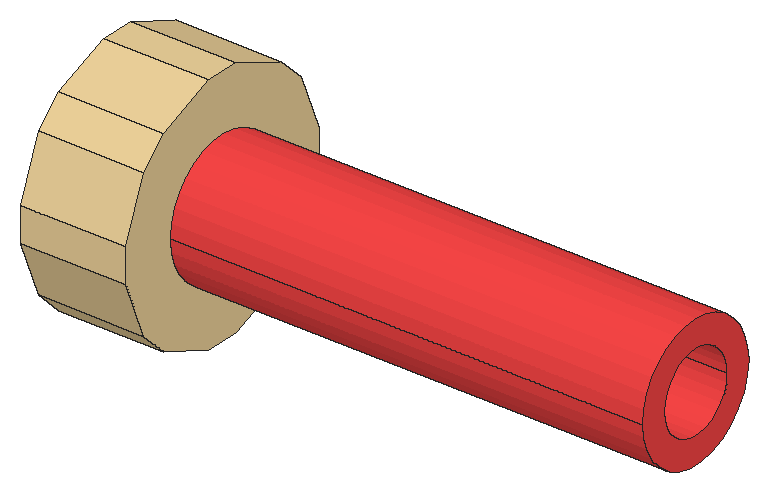
Revit family "Aquatherm_Резьбовое соединение B1", category Соединительные детали трубопроводов, Revit 2019
Family settings
  Размер круглого соединителя = Использовать диаметр
  Тип детали = Переход
  На основе рабочей плоскости = Нет
  Всегда вертикально = Да
  При загрузке вырезать с полостями = Нет
  Общий = Нет
Parameters
  Материал_Корпус_2 = AquaTherm латунь pipe
  Материал_Корпус = AquaTherm red pipe
  K Coefficient = 0
  n1 [instance] = l + l1 + 30 mm  # 133 mm
  n [instance] = k + 30 mm  # 92 mm
  m [instance] = 20 mm  # constant formula
  k [instance] = size_lookup("Резьбовое соединение", "k", 18 mm, d, R)  # 62 mm
  l1 [instance] = size_lookup("Резьбовое соединение", "l1", 18 mm, d, R)  # 3 mm
  r [instance] = R + 3 mm  # 35 mm
  d2 [instance] = d1 + 6 mm  # 21 mm
  d1 [instance] = d - 10 mm  # 15 mm
  URL = "www.agpipe.ru"
  d [instance] = 25 mm
  SW' [instance] = SW - 1 mm  # 45 mm
  SW [instance] = size_lookup("Резьбовое соединение", "SW", 18 mm, d, R)  # 46 mm
  R [instance] = 32 mm
  l [instance] = size_lookup("Резьбовое соединение", "l", 18 mm, d, R)  # 100 mm
  D1 [instance] = d + 6 mm  # 31 mm
  D [instance] = size_lookup("Резьбовое соединение", "D", 18 mm, d, R)  # 34 mm
  ADSK_Примечание = ""
  ADSK_Позиция [instance] = ""
  ADSK_Обозначение = ""
  ADSK_Наименование [instance] = size_lookup("Резьбовое соединение", "ADSK_Наименование", "Нет в каталоге", d, R)  # "Резьбовое соединение/B1 DN25x1 1/4''"
  ADSK_Масса_Текст [instance] = size_lookup("Резьбовое соединение", "ADSK_Масса_Текст", "Нет в каталоге", d, R)  # "0.117"
  ADSK_Код изделия [instance] = size_lookup("Резьбовое соединение", "ADSK_Код изделия", "Нет в каталоге", d, R)  # "4126710"
  ADSK_Завод-изготовитель = "Aquatherm"  # constant formula
  ADSK_Единица измерения = "шт."  # constant formula
  1 [instance] = 1 = 1  # yes
Reference planes
  plane 1 "По центру (Вперед/Назад)": y = 0
  plane 2: z = 0
  plane 3 "По центру (Влево/Вправо)": x = 0
  plane 4: x = -50
  plane 5: x = 50
  plane 6: x = -53
  plane 7: x = -60
  plane 8: x = -40
  plane 9: x = -44
  plane 10: x = -53
  plane 11: x = 80
  plane 12: x = -12
Forms (mm)
  Extrusion 1, solid, material "AquaTherm red pipe" <- "Материал_Корпус", visible <- "1"
    sketch origin (0, 0, 0) x (0, 1, 0) y (0, 0, 1)
      loop
        circle (0, 0) r 12.5
    from -40 to 50
  Extrusion 2, solid, material "AquaTherm red pipe" <- "Материал_Корпус", visible <- "1"
    sketch origin (0, 0, 0) x (0, 1, 0) y (0, 0, 1)
      loop
        circle (0, 0) r 16
    from -50 to -44
  Extrusion 3, solid, material "AquaTherm латунь pipe" <- "Материал_Корпус_2", visible <- "1"
    sketch origin (0, 0, 0) x (0, 1, 0) y (0, 0, 1)
      loop
        line (-9.527, 23) -> (-23, 9.527) -> (-23, -9.527) -> (-9.527, -23) -> (9.527, -23) -> (23, -9.527) -> (23, 9.527) -> (9.527, 23) -> (-9.527, 23)
    from -60 to -40
  Extrusion 4, void
    sketch origin (0, 0, 0) x (0, 1, 0) y (0, 0, 1)
      loop
        line (0, 24.354) -> (-17.221, 17.221) -> (-24.354, 0) -> (-17.221, -17.221) -> (0, -24.354) -> (17.221, -17.221) -> (24.354, 0) -> (17.221, 17.221) -> (0, 24.354)
      loop
        circle (0, 0) r 100
    from -60 to -40
  Extrusion 5, void
    sketch origin (0, 0, 0) x (0, 1, 0) y (0, 0, 1)
      loop
        circle (0, 0) r 16
    from -60 to -50
  Extrusion 6, void
    sketch origin (0, 0, 0) x (0, 1, 0) y (0, 0, 1)
      loop
        circle (0, 0) r 7.5
    from -50 to 50
  Extrusion 7, solid, material "AquaTherm red pipe" <- "Материал_Корпус", visible <- "1"
    sketch origin (0, 0, 0) x (0, 1, 0) y (0, 0, 1)
      loop
        circle (0, 0) r 16
      loop
        circle (0, 0) r 10.5
    from -50 to -53
Cuts and joins
  Extrusion 4, Extrusion 5, Extrusion 6 cuts Extrusion 3
  Extrusion 5, Extrusion 6 cuts Extrusion 1
Lines and regions (mm)
  reference lines
    curve 1: line (-53, 0, 0) -> (-12, 0, 0)
Dimensions and locks
  equal spacing: plane 4, plane 3 "По центру (Влево/Вправо)", plane 5
  "l": plane 4 to plane 5
  "l1": plane 6 to plane 4
  equal spacing: Extrusion 3 sketch curve, level, Extrusion 3 sketch curve
  "SW": Extrusion 3 sketch curve to Extrusion 3 sketch curve  (x4)
  equal spacing: Extrusion 3 sketch curve, plane 1 "По центру (Вперед/Назад)", Extrusion 3 sketch curve  (x3)
  equal spacing: Extrusion 4 sketch curve, plane 1 "По центру (Вперед/Назад)", Extrusion 4 sketch curve  (x4)
  "SW'": Extrusion 4 sketch curve to Extrusion 4 sketch curve  (x4)
  equal spacing: plane 7, plane 4, plane 8
  "m": plane 7 to plane 8
  locked: plane 9 to plane 8 at 4
  locked: plane 5 to plane 11 at 30
  "n": plane 12 to plane 11
  "n1": plane 10 to plane 11
  "d": diameter of Extrusion 1 sketch curve
  "R": diameter of Extrusion 2 sketch curve
  "l": radius of Extrusion 4 sketch curve
  "R": diameter of Extrusion 5 sketch curve
  "d1": diameter of Extrusion 6 sketch curve
  "d2": diameter of Extrusion 7 sketch curve
  "R": diameter of Extrusion 7 sketch curve
  locked: Extrusion 3 sketch curve to Extrusion 3 sketch curve (angle 135.00°)  (x4)
  locked: Extrusion 4 sketch curve to Extrusion 4 sketch curve (angle 135.00°)  (x4)
  aligned and locked: level to plane 2
  aligned and locked: plane 5 to Extrusion 1
  aligned and locked: Extrusion 4 to plane 7
  aligned and locked: Extrusion 4 to plane 8
  aligned and locked: cut or joined group of Extrusion 3, Extrusion 4, Extrusion 5, Extrusion 6 to plane 7
  aligned and locked: cut or joined group of Extrusion 3, Extrusion 4, Extrusion 5, Extrusion 6 to plane 8
  aligned and locked: Extrusion 2 to plane 4
  aligned and locked: plane 9 to Extrusion 2
  aligned and locked: plane 4 to Extrusion 2
  aligned and locked: Extrusion 3 to Extrusion 5
  aligned and locked: plane 5 to Extrusion 6
  aligned and locked: Extrusion 6 to plane 4
  aligned and locked: plane 4 to Extrusion 5
  aligned and locked: Extrusion 7 to plane 4
  aligned and locked: Extrusion 7 to plane 6
  aligned and locked: plane 10 to curve 1
  aligned and locked: plane 12 to curve 1
  aligned and locked: Extrusion 1 to Extrusion 3
Automatic sketch dimensions
  plane 1 "По центру (Вперед/Назад)" to curve 1 = 0 mm
  Extrusion 1 sketch curve to level = 0 mm
  Extrusion 1 sketch curve to plane 1 "По центру (Вперед/Назад)" = 0 mm
  Extrusion 2 sketch curve to level = 0 mm
  Extrusion 2 sketch curve to plane 1 "По центру (Вперед/Назад)" = 0 mm
  Extrusion 4 sketch curve to plane 1 "По центру (Вперед/Назад)" = 0 mm  (x2)
  Extrusion 4 sketch curve to level = 0 mm  (x2)
  Extrusion 5 sketch curve to level = 0 mm
  Extrusion 5 sketch curve to plane 1 "По центру (Вперед/Назад)" = 0 mm
  Extrusion 6 sketch curve to level = 0 mm
  Extrusion 6 sketch curve to plane 1 "По центру (Вперед/Назад)" = 0 mm
  Extrusion 7 sketch curve to Extrusion 7 sketch curve = 0 mm  (x2)
  Extrusion 7 sketch curve to level = 0 mm
  Extrusion 7 sketch curve to plane 1 "По центру (Вперед/Назад)" = 0 mm
Connectors
  piping at (-53, 0, 0), diameter 32, driven by "R"
    settings: on curve 1, index 1, connector inside diameter 609.6 mm, connector length 0 mm, flow factor 0, pipe flow 0.0 L/s, pressure drop 0.0 Pa, fitting loss kfactor 0, connector angle 0.00°, fixture units 0, engagement length 0 mm, angle of deflection 0.00°, flow configuration 0, flow direction 0, fitting loss method 0, system type 28, joint type 0, gender type 0, connector reference index 2, connector utility 0, adjustable connector no, is connector primary yes, connector description ""
  piping at (-12, 0, 0), diameter 25, driven by "d"
    settings: on curve 1, index 2, connector inside diameter 609.6 mm, connector length 0 mm, flow factor 0, pipe flow 0.0 L/s, pressure drop 0.0 Pa, fitting loss kfactor 0, connector angle 0.00°, fixture units 0, engagement length 0 mm, angle of deflection 0.00°, flow configuration 0, flow direction 0, fitting loss method 0, system type 28, joint type 0, gender type 0, connector reference index 1, connector utility 0, adjustable connector no, is connector primary no, connector description ""
